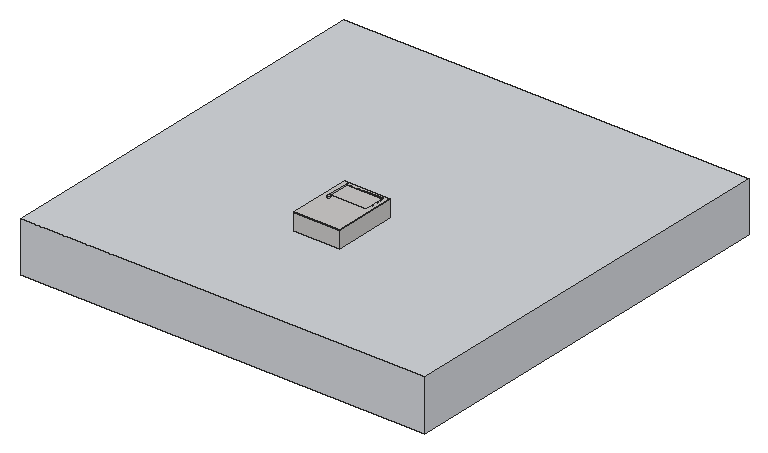
Revit family
Parameters (values of type "B-254")
  Warranty Duration (Years) = 0
  Unit Width = 0' - 10 11/16"
  Unit Height = 1' - 3 1/8"
  Unit Depth = 0' - 4 1/16"
  URL = "http://www.bobrick.com/Pages/default.aspx"
  Test Data = ""
  Specification = ""
  SpecWizard = ""
  Send Message = "http://www.arcat.com/users.pl?action=UserEmail&company=Bobrick+Washroom+Equipment,+Inc.&coid=30988&rep=156&fax=818-503-1930&mf="
  Sales Information = "http://www.bobrick.com/Pages/ContactUs.aspx"
  Revision = "R1_10_2012"
  Product Properties = ""
  Product Data = "http://arcat.com/arcatcos/cos30/arc30988.html?isac=1&r=1"
  Mounting Height [instance] = 2' - 6"
  Model = "B-254"
  Manufacturer Website = "http://www.bobrick.com/Pages/default.aspx"
  Manufacturer Phone - Toll Free = ""
  Manufacturer Phone = "818-764-1000"
  Manufacturer Fax = "818-503-1930"
  Manufacturer Address = "11611 Hart St. North Hollywood, CA 91605-5882"
  Manufacturer = "Bobrick Washroom Equipment, Inc."
  Maintenance Schedule (Months) = 0
  Keynote = "102813"
  Installation-Fabrication = "http://www.bobrick.com/washroomaccessories/Pages/WashroomAccessories.aspx"
  Installation Phase = ""
  Finish Material = Stainless Steel - Bobrick - Satin
  Green Building-LEED = ""
  Expected Lifespan (Years) = 0
  Drawn By = "Sumex Design, Inc. / Robert S. Weygant, CSI, CDT, SCIP"
  Description = "Bobrick B-254 Surface Mounted Sanitary Napkin Disposal"
  Default Elevation = 4' - 0"
  Copyright = "©Arcat Inc."
  Construction Details = ""
  Capacity = "1.2 gal Waste"
  Building Codes = ""
  Assembly Code = "E1090900"
Reference planes (in)
  plane 1 "Center (Front/Back)": y = -12.46844
  plane 2: z = 0
  plane 3 "Center (Left/Right)": x = 0
  plane 4: y = -4.90594
  plane 5: y = -20.03094
  plane 6: x = -5.34375
  plane 7: x = 5.34375
  plane 8: z = 4.0625
  plane 9: z = 4.0625
  plane 10: z = 3.8125
  plane 11 "FF": y = -34.90594
Forms (in)
  Extrusion 1, solid
    sketch origin (0, 0, 0) x (1, 0, 0) y (0, 1, 0)
      loop
        line (-48, 48) -> (-48, -48) -> (48, -48) -> (48, 48) -> (-48, 48)
    from 0 to -12
  Extrusion 2, solid, material "Stainless Steel - Bobrick - Satin" <- "Finish Material"
    sketch origin (0, 0, 0) x (1, 0, 0) y (0, 1, 0)
      loop
        line (-5.34375, -4.90594) -> (-5.34375, -20.03094) -> (5.34375, -20.03094) -> (5.34375, -4.90594) -> (-5.34375, -4.90594)
      loop
        line (5.19061, -19.88497) -> (5.19061, -5.03431) -> (-5.19277, -5.03431) -> (-5.19277, -19.88497) -> (5.19061, -19.88497)
    from 0 to 3.8125
  Extrusion 3, solid, material "Stainless Steel - Bobrick - Satin" <- "Finish Material"
    sketch origin (0, 0, 0) x (1, 0, 0) y (0, 1, 0)
      loop
        line (-5.19277, -5.03431) -> (-5.19277, -19.88497) -> (5.19061, -19.88497) -> (5.19061, -5.03431) -> (-5.19277, -5.03431)
    from 0 to 0.15625
  Extrusion 4, solid, material "Stainless Steel - Bobrick - Satin" <- "Finish Material"
    sketch origin (0, 0, 0) x (1, 0, 0) y (0, 1, 0)
      loop
        line (-5.34375, -4.90594) -> (-5.34375, -20.03094) -> (5.34375, -20.03094) -> (5.34375, -4.90594) -> (-5.34375, -4.90594)
      loop
        line (4.13177, -5.65881) -> (-4.13268, -5.65881)
        arc (-4.13268, -5.65881) -> (-4.30946, -5.73203) -> (-4.38268, -5.90881) r 0.25
        line (-4.38268, -5.90881) -> (-4.38268, -10.6335)
        arc (-4.38268, -10.6335) -> (-4.30946, -10.81028) -> (-4.13268, -10.8835) r 0.25
        line (-4.13268, -10.8835) -> (4.13177, -10.8835)
        arc (4.13177, -10.8835) -> (4.30854, -10.81028) -> (4.38177, -10.6335) r 0.25
        line (4.38177, -10.6335) -> (4.38177, -5.90881)
        arc (4.38177, -5.90881) -> (4.30854, -5.73203) -> (4.13177, -5.65881) r 0.25
    from 3.8125 to 4.0625
  Extrusion 5, solid, material "Stainless Steel - Bobrick - Satin" <- "Finish Material"
    sketch origin (0, 0, 0) x (1, 0, 0) y (0, 1, 0)
      loop
        arc (-4.13268, -5.65881) -> (-4.30946, -5.73203) -> (-4.38268, -5.90881) r 0.25
        line (-4.38268, -5.90881) -> (-4.38268, -10.6335)
        arc (-4.38268, -10.6335) -> (-4.30946, -10.81028) -> (-4.13268, -10.8835) r 0.25
        line (-4.13268, -10.8835) -> (4.13177, -10.8835)
        arc (4.13177, -10.8835) -> (4.30854, -10.81028) -> (4.38177, -10.6335) r 0.25
        line (4.38177, -10.6335) -> (4.38177, -5.90881)
        arc (4.38177, -5.90881) -> (4.30854, -5.73203) -> (4.13177, -5.65881) r 0.25
        line (4.13177, -5.65881) -> (-4.13268, -5.65881)
    from 3.8125 to 3.91354
  Extrusion 6, solid, material "Stainless Steel - Bobrick - Satin" <- "Finish Material"
    sketch origin (0, 0, 0) x (1, 0, 0) y (0, 1, 0)
      loop
        circle (-3.95536, -11.48369) r 0.37878
    from 3.8125 to 4.1767
Cuts and joins
  joined: Extrusion 2, Extrusion 3
  joined: Extrusion 4, Extrusion 6
Lines and regions (in)
  symbolic lines, style "SpecialityEquipmentHiddenLines"
    curve 1: line (-5.34375, -4.90594, 0) -> (5.34375, -12.46844, 0)
    curve 2: line (5.34375, -12.46844, 0) -> (-5.34375, -20.03094, 0)
Dimensions and locks (in)
  "Unit Depth": plane 8 to level
  equal spacing: plane 4, plane 1 "Center (Front/Back)", plane 5
  "Unit Height": plane 4 to plane 5
  equal spacing: plane 6, plane 3 "Center (Left/Right)", plane 7
  "Unit Width": plane 6 to plane 7
  "Mounting Height": plane 4 to plane 11 "FF"
  aligned and locked: plane 2 to Extrusion 1
  aligned and locked: level to Extrusion 1
  aligned: cut or joined group of Extrusion 2, Extrusion 3 to curve 2
Automatic sketch dimensions
  Extrusion 1 sketch curve to Extrusion 1 sketch curve = 8' - 0"  (x2)
  Extrusion 2 sketch curve to plane 5 = 0' - 0"
  Extrusion 2 sketch curve to plane 6 = 0' - 0"
  Extrusion 2 sketch curve to plane 7 = 0' - 0"
  Extrusion 2 sketch curve to plane 4 = 0' - 0"
  plane 6 to Extrusion 2 sketch curve = 0' - 0.15098"
  Extrusion 2 sketch curve to plane 7 = 0' - 0.15314"
  plane 5 to Extrusion 2 sketch curve = 0' - 0.14597"
  Extrusion 2 sketch curve to plane 4 = 0' - 0.12837"
  plane 6 to Extrusion 3 sketch curve = 0' - 0.15098"
  Extrusion 3 sketch curve to plane 7 = 0' - 0.15314"
  plane 5 to Extrusion 3 sketch curve = 0' - 0.14597"
  Extrusion 3 sketch curve to plane 4 = 0' - 0.12837"
  Extrusion 4 sketch curve to plane 5 = 0' - 0"
  Extrusion 4 sketch curve to plane 6 = 0' - 0"
  Extrusion 4 sketch curve to plane 4 = 0' - 0"
  Extrusion 4 sketch curve to plane 7 = 0' - 0"
  plane 6 to Extrusion 4 sketch curve = 0' - 0.96107"
  Extrusion 4 sketch curve to Extrusion 4 sketch curve = 0' - 0 1/4"  (x2)
  Extrusion 4 sketch curve to plane 3 "Center (Left/Right)" = 0' - 4.13268"
  Extrusion 4 sketch curve to plane 7 = 0' - 1.21198"  (x2)
  Extrusion 4 sketch curve to plane 4 = 0' - 0.75287"
  Extrusion 4 sketch curve to plane 1 "Center (Front/Back)" = 0' - 1.58493"
  plane 6 to Extrusion 5 sketch curve = 0' - 0.96107"
  Extrusion 5 sketch curve to Extrusion 5 sketch curve = 0' - 0 1/4"  (x3)
  Extrusion 5 sketch curve to plane 7 = 0' - 1.21198"
  Extrusion 5 sketch curve to plane 1 "Center (Front/Back)" = 0' - 1.58493"
  Extrusion 5 sketch curve to plane 4 = 0' - 1.00287"  (x2)
  plane 6 to Extrusion 6 sketch curve = 0' - 1.38839"
  Extrusion 6 sketch curve to plane 1 "Center (Front/Back)" = 0' - 0.98475"
  curve 2 to plane 5 = 0' - 0"
  curve 2 to plane 6 = 0' - 0"
  curve 1 to plane 4 = 0' - 0"
  curve 1 to plane 6 = 0' - 0"
  curve 2 to plane 1 "Center (Front/Back)" = 0' - 0"
  curve 2 to plane 7 = 0' - 0"
  radius of Extrusion 6 sketch curve = 0' - 0.37878"
